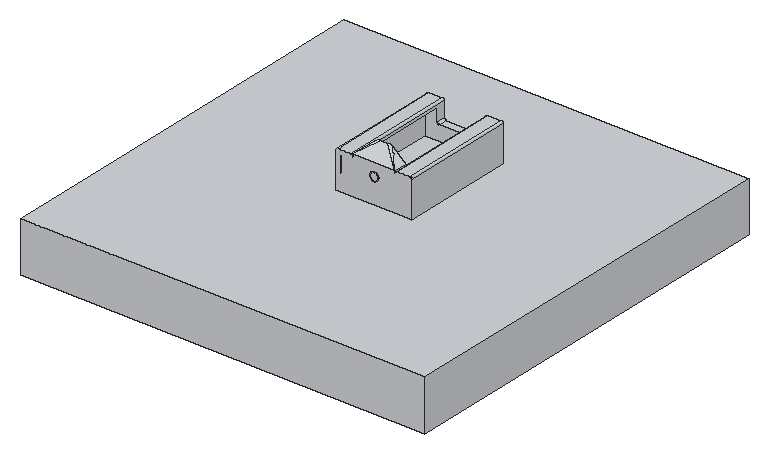
Revit family "M_Mictório com divisória - Instalado na parede", category Peças hidrossanitárias, Revit 2019
Family settings
  Hospedeiro = Face
  Cota do conector redondo = Usar raio
  Tipo de parte = Normal
  Número OmniClass = 23.45.05.21.11.21
  Título OmniClass = Urinals
  ID de item do Seek = Urinal with Wing - Wall Hung-0000-CAN-ENU
  Corte com vazios quando carregada = Não
  Compartilhado = Não
  Ponto de cálculo do ambiente = Não
Parameters (values of type "Padrão")
  Raio do sanitário = 25 mm
  Diâmetro do sanitário = Raio do sanitário * 2  # 50 mm
  WFU = 4
  Material do mictório = none
  Altura do mictório = 685 mm
  HWFU = 0
  Pressão do fluxo [instance] = 103421.0 Pa
  Elevação-padrão = 430 mm
  Raio da água gelada = 10 mm
  Diâmetro da água gelada = Raio da água gelada * 2  # 20 mm
  CWFU = 5
Reference planes
  plane 1 "Centro (Frente/Trás)": y = 0
  plane 2 "Centro (Elevação)": z = 0
  plane 3 "Centro (Esquerda/Direita)": x = 0
  plane 4: x = -228.6
  plane 5: x = 228.6
  plane 6: y = 608.8
  plane 7 "2": y = -76.2
  plane 8: x = -127
  plane 9: x = 127
  plane 10: z = 228.6
  plane 11: z = 114.3
  plane 12 "1": z = 304.8
  plane 13: x = 38.1
  plane 14: x = -38.1
  plane 15: y = -73.025
  plane 16: z = 152.4
  plane 17 "qq": y = 558
  plane 18: z = 101.6
  plane 19: y = -73.025
  plane 20: x = 203.2
  plane 21: x = -203.2
Forms (mm)
  Extrusion 1, solid
    sketch origin (0, 0, 0) x (1, 0, 0) y (0, 1, 0)
      loop
        line (-1219.2, 1219.2) -> (-1219.2, -1219.2) -> (1219.2, -1219.2) -> (1219.2, 1219.2) -> (-1219.2, 1219.2)
    from 0 to -304.8
  Extrusion 2, solid, material <- "Material do mictório"
    sketch origin (0, 0, 0) x (1, 0, 0) y (0, 0, 1)
      loop
        arc (228.6, 215.9) -> (224.88, 224.88) -> (215.9, 228.6) r 12.7
        line (215.9, 228.6) -> (139.7, 228.6)
        arc (139.7, 228.6) -> (130.72, 224.88) -> (127, 215.9) r 12.7
        line (127, 215.9) -> (127, 127)
        arc (127, 127) -> (123.28, 118.02) -> (114.3, 114.3) r 12.7
        line (114.3, 114.3) -> (-114.3, 114.3)
        arc (-114.3, 114.3) -> (-123.28, 118.02) -> (-127, 127) r 12.7
        line (-127, 127) -> (-127, 215.9)
        arc (-127, 215.9) -> (-130.72, 224.88) -> (-139.7, 228.6) r 12.7
        line (-139.7, 228.6) -> (-215.9, 228.6)
        arc (-215.9, 228.6) -> (-224.88, 224.88) -> (-228.6, 215.9) r 12.7
        line (-228.6, 215.9) -> (-228.6, 0) -> (228.6, 0) -> (228.6, 215.9)
    from -608.8 to 76.2
  Blend 3, solid, material <- "Material do mictório"
    base sketch origin (0, 0, 0) x (1, 0, 0) y (0, 0, 1)
      loop
        line (127, 228.6) -> (48.801, 295.628)
        arc (48.801, 295.628) -> (37.225, 302.433) -> (24.006, 304.8) r 38.1
        line (24.006, 304.8) -> (-24.006, 304.8)
        arc (-24.006, 304.8) -> (-37.225, 302.433) -> (-48.801, 295.628) r 38.1
        line (-48.801, 295.628) -> (-127, 228.6) -> (-127, 114.3) -> (127, 114.3) -> (127, 228.6)
    top sketch origin (0, 0, 0) x (1, 0, 0) y (0, 0, 1)
      loop
        line (127, 228.6) -> (-127, 228.6) -> (-127, 114.3) -> (127, 114.3) -> (127, 228.6)
    from 0 to 76.2
  Blend 4, void
    base sketch origin (0, 0, 0) x (1, 0, 0) y (0, 0, 1)
      loop
        line (127, 203.51) -> (38.187, 279.635)
        arc (38.187, 279.635) -> (30.469, 284.172) -> (21.657, 285.75) r 25.4
        line (21.657, 285.75) -> (-21.657, 285.75)
        arc (-21.657, 285.75) -> (-30.469, 284.172) -> (-38.187, 279.635) r 25.4
        line (-38.187, 279.635) -> (-127, 203.51) -> (-127, 114.3) -> (127, 114.3) -> (127, 203.51)
    top sketch origin (0, 0, 0) x (1, 0, 0) y (0, 0, 1)
      loop
        line (127, 114.3) -> (127, 203.51) -> (-127, 203.51) -> (-127, 114.3) -> (127, 114.3)
    from 0 to 73.025
  Extrusion 5, void
    sketch origin (0, 0, 0) x (1, 0, 0) y (0, 0, 1)
      loop
        line (203.2, 25.4) -> (203.2, 203.2) -> (127, 203.2) -> (127, 152.4) -> (-127, 152.4) -> (-127, 203.2) -> (-203.2, 203.2) -> (-203.2, 25.4) -> (203.2, 25.4)
    from -558 to 73.025
  Extrusion 6, solid, material <- "Material do mictório"
    sketch origin (0, 0, 0) x (0, 1, 0) y (0, 0, 1)
      loop
        line (-11.159, 36.559) -> (-61.866, 87.266)
        arc (-61.866, 87.266) -> (-70.125, 99.626) -> (-73.025, 114.207) r 38.1
        line (-73.025, 114.207) -> (-73.025, 152.4) -> (-76.2, 152.4) -> (-76.2, 0) -> (44.45, 0) -> (44.45, 25.4) -> (15.782, 25.4)
        arc (15.782, 25.4) -> (1.201, 28.3) -> (-11.159, 36.559) r 38.1
    from -203.2 to 203.2
  Extrusion 7, void
    sketch origin (0, 0, 0) x (1, 0, 0) y (0, 0, 1)
      loop
        circle (0, 152.4) r 25
    from 0 to 76.2
  Extrusion 8, solid, material <- "Material do mictório"
    sketch origin (0, 0, 0) x (1, 0, 0) y (0, 0, 1)
      loop
        circle (0, 152.4) r 25
    from 73.025 to 76.2
Cuts and joins
  Extrusion 5, Extrusion 7 cuts Extrusion 2
  Blend 4, Extrusion 7 cuts Blend 3
  Extrusion 7 cuts Extrusion 6
  joined: Extrusion 2, Blend 3, Extrusion 6
Dimensions and locks
  locked: plane 4 to plane 5 at 457.2
  equal spacing: plane 4, plane 3 "Centro (Esquerda/Direita)", plane 5
  locked: plane 7 "2" to plane 1 "Centro (Frente/Trás)" at 76.2
  "Altura do mictório": plane 6 to plane 7 "2"
  locked: plane 4 to plane 8 at 101.6
  locked: plane 9 to plane 5 at 101.6
  locked: plane 10 to plane 2 "Centro (Elevação)" at 228.6
  locked: plane 2 "Centro (Elevação)" to plane 11 at 114.3
  locked: plane 2 "Centro (Elevação)" to plane 12 "1" at 304.8
  equal spacing: plane 14, plane 3 "Centro (Esquerda/Direita)", plane 13
  locked: plane 14 to plane 13 at 76.2
  locked: plane 15 to plane 7 "2" at 3.175
  locked: plane 2 "Centro (Elevação)" to plane 16 at 152.4
  locked: plane 6 to plane 17 "qq" at 50.8
  locked: connector elem to plane 7 "2" at 228.6
  locked: connector elem to plane 3 "Centro (Esquerda/Direita)" at 0  (x2)
  locked: connector elem to plane 2 "Centro (Elevação)" at 152.4
  cut or joined group of Extrusion 2, Blend 3, Blend 4, Extrusion 5, Extrusion 6, Extrusion 7 to plane 18 to plane 11 = 76.2 mm locked, 12.7 mm
  locked: plane 5 to plane 20 at 25.4
  locked: plane 21 to plane 4 at 25.4
  radius of Extrusion 2 sketch curve = 12.7 mm  (x6)
  radius of Blend 3 sketch curve = 38.1 mm  (x2)
  radius of Blend 4 sketch curve = 25.4 mm  (x2)
  radius of Extrusion 6 sketch curve = 38.1 mm  (x2)
  "Raio do sanitário": radius of Extrusion 7 sketch curve
  "Raio do sanitário": radius of Extrusion 8 sketch curve
  aligned and locked: plane 2 "Centro (Elevação)" to Extrusion 1
  aligned and locked: level to Extrusion 1
  aligned and locked: plane 5 to Extrusion 2 sketch curve
  aligned and locked: plane 10 to Extrusion 2 sketch curve  (x2)
  aligned and locked: Extrusion 2 sketch curve to plane 9
  aligned and locked: plane 11 to Extrusion 2 sketch curve
  aligned and locked: plane 8 to Extrusion 2 sketch curve
  aligned and locked: Extrusion 2 sketch curve to plane 4
  aligned and locked: Extrusion 2 sketch curve to plane 2 "Centro (Elevação)"
  aligned and locked: Extrusion 2 to plane 7 "2"
  aligned and locked: plane 6 to Extrusion 2
  aligned and locked: plane 9 to Blend 3 sketch curve
  aligned and locked: plane 10 to Blend 3 sketch curve  (x2)
  aligned and locked: plane 8 to Blend 3 sketch curve
  aligned and locked: plane 12 "1" to Blend 3 sketch curve
  aligned and locked: Blend 3 sketch curve to plane 11
  aligned and locked: Blend 3 sketch curve to plane 8
  aligned and locked: Blend 3 sketch curve to var sketch  (x2)
  aligned and locked: Extrusion 2 to Blend 3 sketch curve
  aligned and locked: var sketch to Blend 3 sketch curve
  aligned and locked: Blend 3 to plane 1 "Centro (Frente/Trás)"
  aligned and locked: Blend 3 to plane 7 "2"
  aligned and locked: plane 9 to Blend 4 sketch curve
  aligned and locked: Blend 4 sketch curve to plane 11
  aligned and locked: Blend 4 sketch curve to plane 8
  aligned and locked: Blend 4 sketch curve to Extrusion 2
  aligned and locked: Blend 4 sketch curve to var sketch  (x2)
  aligned and locked: var sketch to Blend 4 sketch curve
  aligned and locked: Extrusion 5 to plane 15
  aligned and locked: plane 17 "qq" to Extrusion 5
  aligned and locked: Extrusion 6 to plane 21
  aligned and locked: plane 20 to Extrusion 6
  aligned and locked: plane 16 to Extrusion 5 sketch curve
  aligned and locked: cut or joined group of Extrusion 2, Blend 3, Blend 4, Extrusion 5, Extrusion 6, Extrusion 7 to Extrusion 6 sketch curve
  aligned and locked: Extrusion 6 sketch curve to plane 16
  aligned and locked: Extrusion 6 sketch curve to cut or joined group of Extrusion 2, Blend 3, Blend 4, Extrusion 5, Extrusion 6, Extrusion 7
  aligned and locked: Extrusion 6 sketch curve to plane 2 "Centro (Elevação)"
  aligned and locked: plane 16 to Extrusion 7 sketch curve
  aligned and locked: plane 3 "Centro (Esquerda/Direita)" to Extrusion 7 sketch curve
  aligned and locked: Extrusion 7 to plane 7 "2"
  aligned and locked: plane 16 to Extrusion 8 sketch curve
  aligned and locked: plane 3 "Centro (Esquerda/Direita)" to Extrusion 8 sketch curve
  aligned and locked: Extrusion 8 to plane 7 "2"
  aligned and locked: Extrusion 8 to plane 19
Automatic sketch dimensions
  Extrusion 5 sketch curve to plane 8 = 0 mm
  Extrusion 5 sketch curve to plane 9 = 0 mm
  plane 4 to Extrusion 5 sketch curve = 25.4 mm
  Extrusion 5 sketch curve to plane 5 = 25.4 mm
  level to Extrusion 5 sketch curve = 25.4 mm
  Extrusion 5 sketch curve to plane 10 = 25.4 mm  (x2)
  plane 14 to Blend 3 sketch curve = 10.701 mm
  Blend 3 sketch curve to plane 14 = 14.094 mm
  plane 13 to Blend 3 sketch curve = 14.094 mm
  Blend 3 sketch curve to plane 13 = 10.701 mm
  plane 14 to Blend 4 sketch curve = 0.087 mm
  Blend 4 sketch curve to plane 14 = 16.443 mm
  Blend 4 sketch curve to plane 13 = 0.087 mm
  Blend 4 sketch curve to plane 10 = 25.09 mm  (x2)
  plane 10 to Blend 4 sketch curve = 31.75 mm
  Blend 4 sketch curve to Blend 4 sketch curve = 6.115 mm
  Extrusion 6 sketch curve to plane 7 "2" = 0 mm
  plane 15 to Extrusion 6 sketch curve = 11.159 mm
  Extrusion 6 sketch curve to plane 11 = 0.093 mm
  plane 1 "Centro (Frente/Trás)" to Extrusion 6 sketch curve = 11.159 mm
  Extrusion 6 sketch curve to plane 1 "Centro (Frente/Trás)" = 15.782 mm
  Extrusion 6 sketch curve to Extrusion 6 sketch curve = 28.668 mm
  Extrusion 1 sketch curve to Extrusion 1 sketch curve = 2438.4 mm  (x2)
Connectors
  piping at (0, 152.4, 0), diameter 20, driven by "Raio da água gelada", driven by "CWFU", driven by "Pressão do fluxo"
    settings: on plane 2 "Centro (Elevação)", index 1, connector inside diameter 20 mm, connector length 0 mm, flow factor 0, pipe flow 0.0 L/s, pressure drop 103421.0 Pa, fitting loss kfactor 0, connector angle 0.00°, fixture units 5, engagement length 0 mm, angle of deflection 0.00°, flow configuration 3, flow direction 1, fitting loss method 4, system type 20, joint type 0, gender type 0, connector reference index -1, connector utility 0, adjustable connector no, is connector primary yes, connector description "In"
  piping at (0, -76.2, 152.4), diameter 50, driven by "Raio do sanitário", driven by "WFU"
    settings: on plane 7 "2", index 2, connector inside diameter 50 mm, connector length 0 mm, flow factor 0, pipe flow 0.0 L/s, pressure drop 0.0 Pa, fitting loss kfactor 0, connector angle 0.00°, fixture units 4, engagement length 0 mm, angle of deflection 0.00°, flow configuration 3, flow direction 2, fitting loss method 0, system type 16, joint type 0, gender type 0, connector reference index -1, connector utility 0, adjustable connector no, is connector primary no, connector description "Saída"
